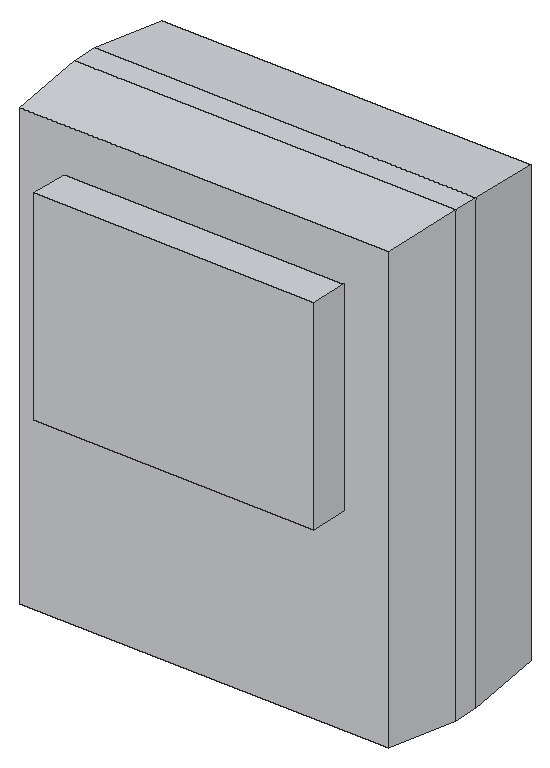
Revit family "44ab46f9d0074882a765f95fdbd019fa", category Mechanical Equipment, Revit 2021
Family settings
  Round Connector Dimension = Use Diameter
  Part Type = Normal
  OmniClass Number = 23.75.70.17.34
  OmniClass Title = Unit Heaters
  Seek Item ID = Unit Heater-0000-USA-ENU
  Work Plane-Based = No
  Always vertical = Yes
  Cut with Voids When Loaded = No
  Shared = No
  Room Calculation Point = No
Parameters (values of type "3-5 kW")
  Width 2 = Width 1 / 2  # 0' - 0 1/2"
  Width 1 = 0' - 1"
  Voltage = 208 V
  Number of Poles = 3
  Load Classification = Heating
  Heater Width = 0' - 7"
  Heater Material = none
  Heater Length = 1' - 3"
  Heater Height = 1' - 6"
  Grille Material = none
  Grille Height = 0' - 8"
  Default Elevation = 0' - 0"
  Arrow [instance] = yes
  Apparent Load = 3000 VA
Types (5): name | Width 2 | Width 1 | Voltage | Heater Width | Heater Length | Heater Height | Grille Height | Apparent Load
  (no name) | 0' - 0 1/2" | 0' - 1" | 208 V | 0' - 7" | 1' - 3" | 1' - 6" | 0' - 8" | 3000 VA
  3-5 kW | 0' - 0 1/2" | 0' - 1" | 208 V | 0' - 7" | 1' - 3" | 1' - 6" | 0' - 8" | 3000 VA
  7.5-10 kW | 0' - 0 11/16" | 0' - 1 3/8" | 208 V | 0' - 9 3/4" | 1' - 8 7/8" | 2' - 1" | 0' - 11 1/8" | 7500 VA
  15-20 kW | 0' - 0 15/16" | 0' - 1 7/8" | 480 V | 1' - 1 1/4" | 2' - 4 3/8" | 2' - 10" | 1' - 3 1/8" | 15000 VA
  25-50 kW | 0' - 1 3/16" | 0' - 2 3/8" | 480 V | 1' - 4 1/4" | 2' - 10 3/4" | 3' - 5 5/8" | 1' - 6 1/2" | 25000 VA
Reference planes (in)
  plane 1 "Center (Front/Back)": y = 0
  plane 2: z = 0
  plane 3 "Center (Left/Right)": x = 0
  plane 4: z = 18
  plane 5: x = 15
  plane 6: z = 16
  plane 7: x = 2
  plane 8: x = 13
  plane 9: z = 8
  plane 10 "1": y = -1.5
  plane 11: y = 7
  plane 12: y = 3.5
  plane 13: y = 4
  plane 14: y = 3
  plane 15: x = 0.25
  plane 16: x = 14.75
  plane 17: z = 17.75
  plane 18: z = 0.25
  plane 19: z = 15
  plane 20: z = 13
  plane 21: z = 11
  plane 22: z = 9
  plane 23: z = 14
  plane 24: z = 10
  plane 25: z = 12
  plane 26: y = -3.5
  plane 27: y = -9.5
  plane 28: x = 7.5
  plane 29: y = -10.16667
  plane 30: y = -11.5
  plane 31: x = 5.5
  plane 32: x = 9.5
  plane 33: y = -12.16667
  plane 34: y = -18.16667
  plane 35: y = -26.16667
  plane 36: x = 6.01333
  plane 37: x = 9
  plane 38: z = 15.5
Forms (in)
  Extrusion 1, solid, material <- "Heater Material", detail levels fine
    sketch origin (0, 0, 0) x (1, 0, 0) y (0, 1, 0)
      loop
        line (0, 7) -> (0, 0) -> (15, 0) -> (15, 7) -> (0, 7)
    from 18 to 0
  Extrusion 2, solid, material <- "Grille Material"
    sketch origin (0, 0, 0) x (1, 0, 0) y (0, 0, 1)
      loop
        line (2, 16) -> (2, 8) -> (13, 8) -> (13, 16) -> (2, 16)
    from 1.5 to 0
  Extrusion 3, void
    sketch origin (0, 0, 0) x (1, 0, 0) y (0, 1, 0)
      loop
        line (0, 7) -> (0, 4) -> (0.25, 7) -> (0, 7)
      loop
        line (0, 3) -> (0, 0) -> (0.25, 0) -> (0, 3)
      loop
        line (14.75, 0) -> (15, 0) -> (15, 3) -> (14.75, 0)
      loop
        line (14.75, 7) -> (15, 4) -> (15, 7) -> (14.75, 7)
    from 0 to 18
  Extrusion 4, void
    sketch origin (0, 0, 0) x (0, 1, 0) y (0, 0, 1)
      loop
        line (7, 18) -> (4, 18) -> (7, 17.75) -> (7, 18)
      loop
        line (3, 18) -> (0, 18) -> (0, 17.75) -> (3, 18)
      loop
        line (7, 0) -> (7, 0.25) -> (4, 0) -> (7, 0)
      loop
        line (3, 0) -> (0, 0.25) -> (0, 0) -> (3, 0)
    from 0 to 15
  Extrusion 5, solid, material <- "Heater Material", detail levels coarse+medium
    sketch origin (0, 0, 0) x (1, 0, 0) y (0, 1, 0)
      loop
        line (0, 7) -> (0, 0) -> (15, 0) -> (15, 7) -> (0, 7)
    from 0 to 18
  Extrusion 6, solid, material <- "Heater Material", detail levels coarse+medium
    sketch origin (0, 0, 0) x (0, 1, 0) y (0, 0, 1)
      loop
        circle (3.5, 15.5) r 0.5
    from 0 to 0.25
Cuts and joins
  Extrusion 3, Extrusion 4 cuts Extrusion 1
  joined: Extrusion 5, Extrusion 6
Lines and regions (in)
  model lines, detail levels fine
    curve 1: line (2, -1.5, 15) -> (13, -1.5, 15)
    curve 2: line (13, -1.5, 14) -> (2, -1.5, 14)
    curve 3: line (2, -1.5, 13) -> (13, -1.5, 13)
    curve 4: line (2, -1.5, 12) -> (13, -1.5, 12)
    curve 5: line (2, -1.5, 11) -> (13, -1.5, 11)
    curve 6: line (2, -1.5, 10) -> (13, -1.5, 10)
    curve 7: line (2, -1.5, 9) -> (13, -1.5, 9)
  symbolic lines, visible <- "Arrow", detail levels coarse+medium
    curve 8: line (7.5, -3.5, 12) -> (7.5, -9.5, 12)
    curve 9: line (7.5, -9.5, 12) -> (9.5, -10.16667, 12)
    curve 10: line (9.5, -10.16667, 12) -> (5.5, -11.5, 12)
    curve 11: line (5.5, -11.5, 12) -> (7.5, -12.16667, 12)
    curve 12: line (7.5, -12.16667, 12) -> (7.5, -18.16667, 12)
    curve 13: line (6.01333, -18.16667, 12) -> (9, -18.16667, 12)
    curve 14: line (9, -18.16667, 12) -> (7.5, -26.16667, 12)
    curve 15: line (7.5, -26.16667, 12) -> (6.01333, -18.16667, 12)
Dimensions and locks (in)
  "Heater Length": plane 5 to plane 3 "Center (Left/Right)"
  "Heater Height": plane 4 to plane 2
  locked: plane 4 to plane 6 at 2
  "Grille Height": plane 6 to plane 9
  locked: plane 7 to plane 3 "Center (Left/Right)" at 2
  locked: plane 5 to plane 8 at 2
  locked: plane 10 "1" to plane 1 "Center (Front/Back)" at 1.5
  "Heater Width": plane 11 to plane 1 "Center (Front/Back)"
  equal spacing: plane 11, plane 12, plane 1 "Center (Front/Back)"
  "Width 2": plane 13 to plane 12
  "Width 1": plane 13 to plane 14
  locked: plane 3 "Center (Left/Right)" to plane 15 at 0.25
  locked: plane 16 to plane 5 at 0.25
  locked: plane 4 to plane 17 at 0.25
  locked: plane 18 to plane 2 at 0.25
  equal spacing: plane 6, plane 19, plane 23, plane 20, plane 25, plane 21, plane 24, plane 22, plane 9
  plane 10 "1" to plane 26 = 0' - 2"
  plane 26 to plane 27 = 0' - 6"
  equal spacing: plane 3 "Center (Left/Right)", plane 28, plane 5
  plane 27 to plane 29 = 0' - 0.66667"
  plane 29 to plane 30 = 0' - 1.33333"
  locked: plane 31 to plane 28 at 2
  locked: plane 28 to plane 32 at 2
  plane 33 to plane 30 = 0' - 0.66667"
  locked: plane 33 to plane 34 at 6
  locked: plane 34 to plane 35 at 8
  locked: plane 36 to plane 28 at 1.48667
  locked: plane 28 to plane 37 at 1.5
  locked: plane 4 to plane 38 at 2.5
  aligned and locked: Extrusion 1 to plane 3 "Center (Left/Right)"
  aligned and locked: plane 5 to Extrusion 1
  aligned and locked: plane 1 "Center (Front/Back)" to Extrusion 1
  aligned and locked: plane 11 to Extrusion 1
  aligned and locked: plane 4 to Extrusion 1
  aligned and locked: Extrusion 1 to plane 2
  aligned and locked: plane 8 to Extrusion 2
  aligned and locked: Extrusion 2 to plane 7
  aligned and locked: plane 6 to Extrusion 2
  aligned and locked: Extrusion 2 to plane 9
  aligned and locked: plane 10 "1" to Extrusion 2
  aligned and locked: Extrusion 2 to plane 1 "Center (Front/Back)"
  aligned and locked: Extrusion 3 to level
  aligned and locked: plane 4 to Extrusion 3
  aligned and locked: Extrusion 4 to plane 3 "Center (Left/Right)"
  aligned and locked: plane 5 to Extrusion 4
  aligned and locked: Extrusion 5 to plane 3 "Center (Left/Right)"
  aligned and locked: plane 1 "Center (Front/Back)" to Extrusion 5
  aligned and locked: plane 5 to Extrusion 5
  aligned and locked: plane 11 to Extrusion 5
  aligned and locked: Extrusion 5 to level
  aligned and locked: plane 4 to Extrusion 5
  aligned and locked: plane 38 to Extrusion 6 sketch curve
  aligned and locked: plane 12 to Extrusion 6 sketch curve
  aligned and locked: Extrusion 6 to plane 3 "Center (Left/Right)"
  aligned and locked: plane 15 to Extrusion 6
  aligned and locked: curve 8 to plane 28
  aligned and locked: curve 12 to plane 28
  aligned and locked: plane 33 to curve 12
  aligned and locked: plane 27 to curve 9
  aligned and locked: plane 32 to curve 9
  aligned and locked: plane 31 to curve 11
  aligned and locked: curve 13 to plane 34
  aligned and locked: plane 37 to curve 13
  aligned and locked: plane 28 to curve 15
  aligned and locked: plane 35 to curve 15
  aligned and locked: plane 36 to curve 13
Automatic sketch dimensions
  Extrusion 1 sketch curve to plane 1 "Center (Front/Back)" = 0' - 0"
  Extrusion 1 sketch curve to plane 3 "Center (Left/Right)" = 0' - 0"
  Extrusion 1 sketch curve to plane 5 = 0' - 0"
  Extrusion 1 sketch curve to plane 11 = 0' - 0"
  Extrusion 2 sketch curve to plane 7 = 0' - 0"
  Extrusion 2 sketch curve to plane 8 = 0' - 0"
  Extrusion 2 sketch curve to plane 9 = 0' - 0"
  Extrusion 2 sketch curve to plane 6 = 0' - 0"
  Extrusion 3 sketch curve to plane 3 "Center (Left/Right)" = 0' - 0"  (x2)
  Extrusion 3 sketch curve to plane 1 "Center (Front/Back)" = 0' - 0"  (x2)
  Extrusion 3 sketch curve to plane 15 = 0' - 0"  (x2)
  Extrusion 3 sketch curve to plane 11 = 0' - 0"  (x2)
  Extrusion 3 sketch curve to plane 16 = 0' - 0"  (x2)
  Extrusion 3 sketch curve to plane 5 = 0' - 0"  (x2)
  Extrusion 3 sketch curve to plane 14 = 0' - 0"  (x2)
  Extrusion 3 sketch curve to plane 13 = 0' - 0"  (x2)
  Extrusion 4 sketch curve to plane 1 "Center (Front/Back)" = 0' - 0"  (x2)
  Extrusion 4 sketch curve to level = 0' - 0"  (x2)
  Extrusion 4 sketch curve to plane 4 = 0' - 0"  (x2)
  Extrusion 4 sketch curve to plane 14 = 0' - 0"  (x2)
  Extrusion 4 sketch curve to plane 13 = 0' - 0"  (x2)
  Extrusion 4 sketch curve to plane 11 = 0' - 0"  (x2)
  Extrusion 4 sketch curve to plane 18 = 0' - 0"  (x2)
  Extrusion 4 sketch curve to plane 17 = 0' - 0"  (x2)
  curve 4 to plane 8 = 0' - 0"
  curve 1 to plane 8 = 0' - 0"
  curve 2 to plane 8 = 0' - 0"
  curve 6 to plane 8 = 0' - 0"
  curve 5 to plane 8 = 0' - 0"
  curve 3 to plane 8 = 0' - 0"
  curve 7 to plane 8 = 0' - 0"
  curve 5 to plane 7 = 0' - 0"
  curve 3 to plane 7 = 0' - 0"
  curve 6 to plane 7 = 0' - 0"
  curve 2 to plane 7 = 0' - 0"
  curve 7 to plane 7 = 0' - 0"
  curve 1 to plane 7 = 0' - 0"
  curve 4 to plane 7 = 0' - 0"
  curve 7 to plane 22 = 0' - 0"
  curve 6 to plane 24 = 0' - 0"
  curve 5 to plane 21 = 0' - 0"
  curve 4 to plane 25 = 0' - 0"
  curve 3 to plane 20 = 0' - 0"
  curve 2 to plane 23 = 0' - 0"
  curve 1 to plane 19 = 0' - 0"
  Extrusion 5 sketch curve to plane 1 "Center (Front/Back)" = 0' - 0"
  Extrusion 5 sketch curve to plane 3 "Center (Left/Right)" = 0' - 0"
  Extrusion 5 sketch curve to plane 5 = 0' - 0"
  Extrusion 5 sketch curve to plane 11 = 0' - 0"
  curve 9 to plane 29 = 0' - 0"
  curve 8 to plane 26 = 0' - 0"
  curve 10 to plane 30 = 0' - 0"
  radius of Extrusion 6 sketch curve = 0' - 0 1/2"
Connectors (in)
  electrical at (0, 3.5, 15.5), driven by "Number of Poles", driven by "Voltage", driven by "Apparent Load", driven by "Load Classification"
    settings: on Extrusion 6, index 1, voltage 208 V, apparent load 3000 VA, apparent load phase1 0 VA, apparent load phase2 0 VA, apparent load phase3 0 VA, power factor 0.8, load classification "Heating", number of poles 3, system type 30, power factor state 1, is connector primary yes, connector utility no, sub classification motor no, connector description ""
